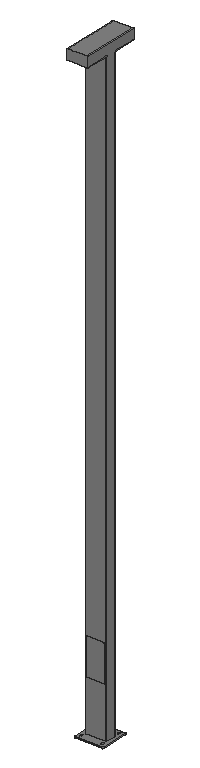
Revit family "Супремус В", category Осветительные приборы, Revit 2019 (continued)
Parameters (values of type "ДТУ121с10 Светодиодный светильник Супремус-B ДТУ-121-AF-ДТУП1212(60Вт)+ДТУП1212(60Вт)-6,0")
    9 103.6 103.2 102.8 102.5 102.1 101.8\r\n 101.6 100.7 99.9 99.2 98.5 97.9 97.3 96.6 96.0 95.2 94.2 93.2 92.3 91.4 90.5 89.5 88.4 87.4 86.4 84.6 82.3 79.4 76.2 72.5 68.8\r\n 63.9 58.9 53.9 49.1 44.6 41.1 38.1 35.7 33.9 32.4 30.9 29.7 28.7 27.8 26.9 26.0 25.2 24.5 23.5 22.0 20.6 19.1 17.6 16.3 14.8 13.4\r\n 11.8 10.0 8.4 7.0 6.0 5.3 4.6 3.9 3.4 3.0 2.8 2.8 2.7 2.4 2.4 2.3 2.1 1.9 1.6 1.4 1.3 1.2 1.2 1.2 0.0 0.0 0.0 0.0 0.0 0.0 0.0 0.0\r\n 0.0 0.0 0.0 0.0 0.0 0.0 0.0 0.0 0.0 0.0 0.0 0.0 0.0 0.0 0.0 0.0 0.0 0.0 0.0 0.0 0.0 0.0 0.0 0.0 0.0 0.0 0.0 0.0 0.0 0.0 0.0 0.0\r\n 0.0 0.0 0.0 0.0 0.0 0.0 0.0 0.0 0.0 0.0 0.0 0.0 0.0 0.0 0.0 0.0 0.0 0.0 0.0 0.0 0.0 0.0 0.0 0.0 0.0 0.0 0.0 0.0 0.0 0.0 0.0 0.0\r\n 0.0 0.0 0.0 0.0 0.0 0.0 0.0 0.0 0.0 0.0 0.0 0.0 0.0 0.0 0.0 0.0 0.0 0.0 0.0 0.0 0.0 0.0 0.0 0.0 0.0 0.0 0.0 0.0 0.0 0.0 0.0 0.0\r\n 0.0 0.0 0.0 0.0 0.0 0.0 0.0 0.0 0.0 0.0 0.0 0.0 0.0 0.0 0.0 0.0 0.0 0.0 0.0 0.0 0.0 0.0 0.0 0.0 0.0 0.0 0.0 0.0 0.0 0.0 0.0 0.0\r\n 0.0 0.0 0.0 0.0 0.0 0.0 0.0 0.0 0.0 0.0 0.0 0.0 0.0 0.0 0.0 0.0 0.0 0.0 0.0 0.0 0.0 0.0 0.0 0.0\r\n275.6 274.0 272.2 270.5 268.9 267.2 265.4 263.7 261.8 260.0 257.9 255.9 254.1 252.2 250.0 247.8 245.6 243.1 240.5 237.7 234.8\r\n 231.6 228.5 225.4 222.5 219.7 217.2 214.8 212.3 210.3 208.3 206.2 204.1 201.7 199.5 197.4 195.0 192.7 190.5 188.3 186.2 184.1\r\n 181.8 179.4 177.1 174.8 172.1 169.7 167.3 164.9 162.4 160.0 157.8 155.6 153.5 151.8 150.0 148.4 146.5 144.7 143.3 141.6 140.0\r\n 138.4 136.7 134.7 132.9 131.1 129.7 128.3 127.2 125.6 124.2 122.7 121.5 120.2 118.8 117.5 116.2 115.0 113.5 112.2 110.6 108.9\r\n 107.3 105.5 103.8 102.1 100.6 99.2 97.7 96.1 94.7 93.1 91.6 89.9 88.3 87.0 85.6 84.3 83.2 82.1 80.8 79.4 78.3 77.4 76.8 75.8 74.8\r\n 74.2 73.8 73.5 72.9 72.6 72.2 71.6 70.9 70.4 69.9 69.8 69.9 70.2 70.1 69.4 69.0 68.4 68.1 67.7 67.3 66.9 66.5 66.0 65.5 65.0 64.8\r\n 64.6 64.6 64.6 64.6 64.6 64.8 65.4 65.5 65.2 66.0 67.4 69.0 70.6 71.6 72.0 71.5 70.5 68.3 66.3 63.0 59.2 54.6 50.4 46.8 43.3 40.0\r\n 37.1 34.8 33.0 31.2 29.6 28.3 27.0 25.3 23.2 21.0 19.2 17.4 15.9 14.6 13.4 11.7 9.8 8.5 7.4 6.7 6.1 5.4 4.8 4.5 4.1 4.1 4.3 3.7\r\n 3.3 2.8 2.6 2.4 2.3 2.1 2.0 1.7 1.5 1.3 1.2 1.2 0.0 0.0 0.0 0.0 0.0 0.0 0.0 0.0 0.0 0.0 0.0 0.0 0.0 0.0 0.0 0.0 0.0 0.0 0.0 0.0\r\n 0.0 0.0 0.0 0.0 0.0 0.0 0.0 0.0 0.0 0.0 0.0 0.0 0.0 0.0 0.0 0.0 0.0 0.0 0.0 0.0 0.0 0.0 0.0 0.0 0.0 0.0 0.0 0.0 0.0 0.0 0.0 0.0\r\n 0.0 0.0 0.0 0.0 0.0 0.0 0.0 0.0 0.0 0.0 0.0 0.0 0.0 0.0 0.0 0.0 0.0 0.0 0.0 0.0 0.0 0.0 0.0 0.0 0.0 0.0 0.0 0.0 0.0 0.0 0.0 0.0\r\n 0.0 0.0 0.0 0.0 0.0 0.0 0.0 0.0 0.0 0.0 0.0 0.0 0.0 0.0 0.0 0.0 0.0 0.0 0.0 0.0 0.0 0.0 0.0 0.0 0.0 0.0 0.0 0.0 0.0 0.0 0.0 0.0\r\n 0.0 0.0 0.0 0.0 0.0 0.0 0.0 0.0 0.0 0.0 0.0 0.0 0.0 0.0 0.0 0.0 0.0 0.0 0.0 0.0 0.0 0.0 0.0 0.0 0.0 0.0 0.0 0.0 0.0 0.0 0.0 0.0\r\n 0.0 0.0 0.0 0.0 0.0 0.0 0.0 0.0 0.0 0.0 0.0 0.0\r\n275.6 273.8 271.9 270.1 268.3 266.4 264.5 262.7 260.5 258.5 256.5 254.5 252.3 250.1 247.8 245.3 242.5 239.6 236.4 233.1 229.7\r\n 226.3 223.1 220.1 217.3 215.0 212.7 210.3 207.8 205.3 202.8 200.0 197.4 194.5 192.0 189.6 187.4 184.8 182.1 179.8 177.1 174.4\r\n 171.5 168.6 165.4 162.4 159.2 156.1 153.1 150.4 147.7 145.4 143.3 141.2 139.4 137.4 135.6 133.9 132.4 131.1 129.6 128.1 126.6\r\n 124.8 122.9 120.9 119.1 117.2 115.3 113.2 111.1 109.1 106.9 104.7 102.3 99.8 97.6 95.3 93.2 91.0 88.9 86.8 84.8 82.8 80.9 79.0\r\n 77.2 75.4 73.6 71.8 69.9 68.3 66.3 64.4 62.5 60.8 59.2 57.8 56.4 55.2 54.2 53.3 52.4 51.5 50.9 50.4 50.0 49.5 49.0 48.8 48.5 47.7\r\n 47.1 46.8 46.8 46.7 46.7 46.8 46.8 46.3 45.7 45.2 44.5 43.9 43.4 42.9 42.4 42.0 41.7 41.4 41.1 41.1 41.1 41.4 41.6 41.8 42.2 43.1\r\n 44.5 45.8 46.8 48.9 51.1 53.6 55.4 56.8 57.8 57.5 56.5 55.1 53.9 52.9 52.0 51.1 49.9 48.5 47.3 46.3 44.9 42.9 40.6 38.1 35.7 33.2\r\n 30.2 27.6 25.5 23.6 21.9 20.4 18.9 17.6 16.4 15.1 13.8 12.0 10.6 9.8 8.8 7.5 6.6 5.9 5.4 4.9 4.6 4.7 4.5 4.1 3.9 3.3 2.8 2.6 2.5\r\n 2.5 2.5 2.3 2.2 1.7 1.6 1.4 1.3 0.0 0.0 0.0 0.0 0.0 0.0 0.0 0.0 0.0 0.0 0.0 0.0 0.0 0.0 0.0 0.0 0.0 0.0 0.0 0.0 0.0 0.0 0.0 0.0\r\n 0.0 0.0 0.0 0.0 0.0 0.0 0.0 0.0 0.0 0.0 0.0 0.0 0.0 0.0 0.0 0.0 0.0 0.0 0.0 0.0 0.0 0.0 0.0 0.0 0.0 0.0 0.0 0.0 0.0 0.0 0.0 0.0\r\n 0.0 0.0 0.0 0.0 0.0 0.0 0.0 0.0 0.0 0.0 0.0 0.0 0.0 0.0 0.0 0.0 0.0 0.0 0.0 0.0 0.0 0.0 0.0 0.0 0.0 0.0 0.0 0.0 0.0 0.0 0.0 0.0\r\n 0.0 0.0 0.0 0.0 0.0 0.0 0.0 0.0 0.0 0.0 0.0 0.0 0.0 0.0 0.0 0.0 0.0 0.0 0.0 0.0 0.0 0.0 0.0 0.0 0.0 0.0 0.0 0.0 0.0 0.0 0.0 0.0\r\n 0.0 0.0 0.0 0.0 0.0 0.0 0.0 0.0 0.0 0.0 0.0 0.0 0.0 0.0 0.0 0.0 0.0 0.0 0.0 0.0 0.0 0.0 0.0 0.0 0.0 0.0 0.0 0.0 0.0 0.0 0.0 0.0\r\n 0.0 0.0 0.0 0.0 0.0 0.0 0.0 0.0\r\n275.6 273.8 271.8 269.8 267.8 265.9 263.8 261.8 259.7 257.5 255.3 253.1 250.9 248.4 245.9 243.0 239.8 236.4 232.8 229.1 225.7\r\n 222.4 219.4 216.6 214.2 211.9 209.2 206.4 203.4 200.3 197.3 194.4 191.5 188.7 185.9 182.9 180.1 177.2 174.4 171.1 167.9 164.7\r\n 161.4 157.7 154.3 150.9 147.8 144.8 142.0 139.4 136.8 134.5 132.3 130.4 128.9 127.5 126.3 124.6 122.9 121.3 119.5 117.5 115.3\r\n 113.0 110.9 108.7 106.7 104.4 102.1 99.6 97.1 94.6 92.1 89.6 87.2 84.8 82.4 80.1 77.8 75.5 73.3 71.0 68.9 66.9 65.0 63.1 61.3\r\n 59.4 57.6 55.7 53.9 52.0 50.2 48.5 46.8 45.2 43.8 42.6 41.5 40.5 39.8 39.3 38.7 38.2 37.8 37.4 36.9 36.5 36.1 35.8 35.5 35.2 34.8\r\n 34.5 34.6 34.6 33.7 32.8 32.3 31.7 31.0 30.6 30.1 29.7 29.1 28.5 28.3 28.0 28.0 28.2 28.6 29.1 30.2 32.0 34.3 36.8 39.1 41.0 42.2\r\n 43.6 44.9 45.4 45.3 44.3 43.3 42.8 42.2 41.3 39.9 38.4 37.5 37.1 37.0 36.5 35.9 35.0 34.7 34.6 34.2 33.4 32.1 30.8 29.4 28.1 26.9\r\n 25.7 24.4 22.8 21.4 20.3 19.0 17.9 16.6 15.4 13.6 12.1 11.1 10.4 9.6 8.7 8.1 7.3 6.6 6.1 6.1 6.1 5.8 5.3 4.9 4.3 3.9 3.4 3.3 3.2\r\n 3.1 3.0 2.8 2.5 1.9 1.7 1.5 0.0 0.0 0.0 0.0 0.0 0.0 0.0 0.0 0.0 0.0 0.0 0.0 0.0 0.0 0.0 0.0 0.0 0.0 0.0 0.0 0.0 0.0 0.0 0.0 0.0\r\n 0.0 0.0 0.0 0.0 0.0 0.0 0.0 0.0 0.0 0.0 0.0 0.0 0.0 0.0 0.0 0.0 0.0 0.0 0.0 0.0 0.0 0.0 0.0 0.0 0.0 0.0 0.0 0.0 0.0 0.0 0.0 0.0\r\n 0.0 0.0 0.0 0.0 0.0 0.0 0.0 0.0 0.0 0.0 0.0 0.0 0.0 0.0 0.0 0.0 0.0 0.0 0.0 0.0 0.0 0.0 0.0 0.0 0.0 0.0 0.0 0.0 0.0 0.0 0.0 0.0\r\n 0.0 0.0 0.0 0.0 0.0 0.0 0.0 0.0 0.0 0.0 0.0 0.0 0.0 0.0 0.0 0.0 0.0 0.0 0.0 0.0 0.0 0.0 0.0 0.0 0.0 0.0 0.0 0.0 0.0 0.0 0.0 0.0\r\n 0.0 0.0 0.0 0.0 0.0 0.0 0.0 0.0 0.0 0.0 0.0 0.0 0.0 0.0 0.0 0.0 0.0 0.0 0.0 0.0 0.0 0.0 0.0 0.0 0.0 0.0 0.0 0.0 0.0 0.0 0.0 0.0\r\n 0.0 0.0 0.0 0.0 0.0 0.0 0.0\r\n275.6 273.7 271.5 269.3 267.2 265.1 262.9 260.7 258.5 256.4 254.1 251.7 249.3 246.7 243.6 240.3 236.7 232.7 228.9 225.4 222.1\r\n 219.0 216.4 213.9 211.2 208.3 205.2 201.9 198.5 195.2 192.1 189.0 185.9 182.8 179.5 176.2 172.6 169.2 165.6 161.8 157.9 154.1\r\n 150.4 147.0 143.9 140.9 138.0 135.3 132.8 130.5 128.6 126.9 125.4 123.7 121.9 120.2 118.2 116.3 114.3 112.0 109.5 107.0 104.2\r\n 101.3 98.7 95.9 93.3 90.8 88.3 86.0 83.7 81.6 79.5 77.4 75.3 73.3 71.2 69.1 67.2 65.3 63.4 61.6 59.8 58.0 56.2 54.3 52.4 50.6\r\n 48.7 46.9 45.3 43.7 42.1 40.7 39.6 38.7 37.8 37.2 36.7 36.3 36.0 35.8 35.6 35.3 35.0 34.7 34.3 34.1 33.9 33.4 33.0 33.0 33.1 33.0\r\n 32.2 31.1 30.0 29.1 28.3 27.7 27.2 26.7 26.4 26.3 26.4 26.5 26.8 27.7 29.1 31.0 32.8 35.1 37.8 41.2 43.8 44.9 43.8 43.4 42.9 42.6\r\n 42.3 41.8 40.4 39.2 38.8 37.8 37.2 36.2 35.5 34.6 33.5 33.1 32.9 32.3 31.7 31.3 30.9 30.8 30.6 30.5 29.5 28.4 27.2 26.4 25.6 25.0\r\n 24.3 23.1 22.1 20.9 19.8 18.8 17.8 15.9 14.4 13.3 12.5 11.6 10.7 9.7 8.9 8.1 7.5 7.4 7.7 7.4 7.0 6.2 5.9 5.3 4.9 4.4 4.1 3.9 3.7\r\n 3.6 3.5 3.4 3.0 2.0 1.9 0.0 0.0 0.0 0.0 0.0 0.0 0.0 0.0 0.0 0.0 0.0 0.0 0.0 0.0 0.0 0.0 0.0 0.0 0.0 0.0 0.0 0.0 0.0 0.0 0.0 0.0\r\n 0.0 0.0 0.0 0.0 0.0 0.0 0.0 0.0 0.0 0.0 0.0 0.0 0.0 0.0 0.0 0.0 0.0 0.0 0.0 0.0 0.0 0.0 0.0 0.0 0.0 0.0 0.0 0.0 0.0 0.0 0.0 0.0\r\n 0.0 0.0 0.0 0.0 0.0 0.0 0.0 0.0 0.0 0.0 0.0 0.0 0.0 0.0 0.0 0.0 0.0 0.0 0.0 0.0 0.0 0.0 0.0 0.0 0.0 0.0 0.0 0.0 0.0 0.0 0.0 0.0\r\n 0.0 0.0 0.0 0.0 0.0 0.0 0.0 0.0 0.0 0.0 0.0 0.0 0.0 0.0 0.0 0.0 0.0 0.0 0.0 0.0 0.0 0.0 0.0 0.0 0.0 0.0 0.0 0.0 0.0 0.0 0.0 0.0\r\n 0.0 0.0 0.0 0.0 0.0 0.0 0.0 0.0 0.0 0.0 0.0 0.0 0.0 0.0 0.0 0.0 0.0 0.0 0.0 0.0 0.0 0.0 0.0 0.0 0.0 0.0 0.0 0.0 0.0 0.0 0.0 0.0\r\n 0.0 0.0 0.0 0.0 0.0 0.0\r\n275.6 273.5 271.2 269.1 266.8 264.5 262.4 260.1 257.8 255.4 253.0 250.6 248.0 245.0 241.9 238.1 234.1 230.1 226.3 222.9 219.9\r\n 217.1 214.4 211.4 208.4 205.1 201.6 198.2 194.6 191.2 187.9 184.5 181.2 177.8 173.8 170.1 166.2 162.1 157.8 153.6 149.6 146.0\r\n 142.5 139.3 136.4 133.4 130.8 128.6 126.8 124.9 123.0 121.3 119.4 117.4 115.6 113.7 111.6 109.3 106.7 103.7 100.5 97.2 94.0 90.8\r\n 88.0 85.5 83.1 80.7 78.5 76.5 74.7 72.8 71.0 69.1 67.1 65.2 63.2 61.5 59.7 57.9 56.0 54.2 52.5 51.0 49.3 47.7 46.2 44.8 43.4 42.2\r\n 41.0 39.8 38.7 38.0 37.3 36.8 36.3 36.0 35.8 35.9 35.9 35.6 35.5 35.3 35.0 34.7 34.6 34.0 33.6 33.7 33.8 33.7 32.9 31.7 30.7 30.0\r\n 29.5 28.8 28.4 28.0 28.0 28.0 28.2 28.8 29.7 31.0 32.7 34.7 37.4 40.0 42.5 45.1 46.5 45.5 44.3 43.2 43.1 43.3 43.8 44.2 44.0 43.2\r\n 42.7 42.6 42.1 41.4 40.8 39.8 39.1 38.4 38.0 37.8 37.5 36.9 36.1 35.2 34.7 34.4 34.3 34.4 33.8 32.6 31.3 29.6 28.5 27.9 26.7 25.7\r\n 24.2 23.0 21.9 20.9 18.8 16.3 15.0 14.2 13.2 12.3 11.5 10.6 9.9 9.2 8.6 8.7 8.8 8.2 7.7 6.9 6.6 6.0 5.8 5.3 4.8 4.6 4.2 4.1 4.1\r\n 3.9 3.9 3.2 2.3 0.0 0.0 0.0 0.0 0.0 0.0 0.0 0.0 0.0 0.0 0.0 0.0 0.0 0.0 0.0 0.0 0.0 0.0 0.0 0.0 0.0 0.0 0.0 0.0 0.0 0.0 0.0 0.0\r\n 0.0 0.0 0.0 0.0 0.0 0.0 0.0 0.0 0.0 0.0 0.0 0.0 0.0 0.0 0.0 0.0 0.0 0.0 0.0 0.0 0.0 0.0 0.0 0.0 0.0 0.0 0.0 0.0 0.0 0.0 0.0 0.0\r\n 0.0 0.0 0.0 0.0 0.0 0.0 0.0 0.0 0.0 0.0 0.0 0.0 0.0 0.0 0.0 0.0 0.0 0.0 0.0 0.0 0.0 0.0 0.0 0.0 0.0 0.0 0.0 0.0 0.0 0.0 0.0 0.0\r\n 0.0 0.0 0.0 0.0 0.0 0.0 0.0 0.0 0.0 0.0 0.0 0.0 0.0 0.0 0.0 0.0 0.0 0.0 0.0 0.0 0.0 0.0 0.0 0.0 0.0 0.0 0.0 0.0 0.0 0.0 0.0 0.0\r\n 0.0 0.0 0.0 0.0 0.0 0.0 0.0 0.0 0.0 0.0 0.0 0.0 0.0 0.0 0.0 0.0 0.0 0.0 0.0 0.0 0.0 0.0 0.0 0.0 0.0 0.0 0.0 0.0 0.0 0.0 0.0 0.0\r\n 0.0 0.0 0.0 0.0\r\n275.6 273.4 271.1 268.8 266.6 264.1 261.9 259.6 257.1 254.7 252.1 249.6 246.8 243.5 239.9 235.9 231.6 227.6 223.9 220.8 217.9\r\n 215.3 212.2 208.9 205.5 201.8 198.2 194.8 191.1 187.4 183.7 180.1 176.2 172.3 168.2 163.8 159.1 154.5 150.3 146.3 142.7 139.3\r\n 136.2 133.1 130.4 128.1 125.8 123.8 121.9 119.7 117.7 115.7 113.7 111.8 109.5 107.0 104.4 101.2 98.0 94.8 91.7 88.6 85.6 82.9\r\n 80.5 78.3 76.1 74.1 72.2 70.4 68.5 66.6 64.6 62.7 60.7 59.0 57.3 55.6 53.8 52.2 50.5 49.0 47.5 46.1 44.7 43.4 42.2 41.0 39.9 38.8\r\n 37.9 37.0 36.6 36.2 35.8 35.6 35.5 35.6 35.7 35.7 35.7 35.9 35.8 35.6 35.5 35.2 35.0 35.0 34.9 34.6 34.0 33.0 32.0 31.2 30.6 30.0\r\n 29.5 29.3 29.1 29.3 29.7 30.5 31.8 33.3 34.7 36.8 39.2 41.8 44.0 45.9 47.4 48.4 47.9 47.1 47.0 47.4 48.0 48.5 48.6 48.5 48.4 48.0\r\n 48.1 47.9 47.2 46.3 45.2 43.9 42.7 41.8 41.1 40.4 39.6 38.8 38.3 37.8 37.4 36.9 36.5 36.2 35.2 33.7 32.5 31.3 30.2 29.0 28.4 26.9\r\n 25.6 24.5 23.6 21.7 19.2 17.4 16.2 15.1 14.1 13.1 12.1 11.1 10.1 9.6 9.7 9.4 9.2 8.5 7.9 7.4 7.1 6.5 6.3 6.3 5.8 5.4 5.1 4.8 4.7\r\n 4.5 4.4 4.3 3.0 0.0 0.0 0.0 0.0 0.0 0.0 0.0 0.0 0.0 0.0 0.0 0.0 0.0 0.0 0.0 0.0 0.0 0.0 0.0 0.0 0.0 0.0 0.0 0.0 0.0 0.0 0.0 0.0\r\n 0.0 0.0 0.0 0.0 0.0 0.0 0.0 0.0 0.0 0.0 0.0 0.0 0.0 0.0 0.0 0.0 0.0 0.0 0.0 0.0 0.0 0.0 0.0 0.0 0.0 0.0 0.0 0.0 0.0 0.0 0.0 0.0\r\n 0.0 0.0 0.0 0.0 0.0 0.0 0.0 0.0 0.0 0.0 0.0 0.0 0.0 0.0 0.0 0.0 0.0 0.0 0.0 0.0 0.0 0.0 0.0 0.0 0.0 0.0 0.0 0.0 0.0 0.0 0.0 0.0\r\n 0.0 0.0 0.0 0.0 0.0 0.0 0.0 0.0 0.0 0.0 0.0 0.0 0.0 0.0 0.0 0.0 0.0 0.0 0.0 0.0 0.0 0.0 0.0 0.0 0.0 0.0 0.0 0.0 0.0 0.0 0.0 0.0\r\n 0.0 0.0 0.0 0.0 0.0 0.0 0.0 0.0 0.0 0.0 0.0 0.0 0.0 0.0 0.0 0.0 0.0 0.0 0.0 0.0 0.0 0.0 0.0 0.0 0.0 0.0 0.0 0.0 0.0 0.0 0.0 0.0\r\n 0.0 0.0 0.0 0.0\r\n275.6 273.4 270.9 268.6 266.3 263.8 261.4 259.0 256.7 254.0 251.6 248.9 245.7 242.4 238.5 234.3 230.1 226.0 222.6 219.5 216.9\r\n 213.8 210.6 207.1 203.3 199.5 195.9 192.3 188.5 184.6 180.8 176.7 172.6 168.3 163.5 158.7 153.9 149.6 145.3 141.7 138.2 134.8\r\n 131.9 129.3 127.2 124.8 122.4 120.0 117.7 115.5 113.4 111.1 108.9 106.6 103.8 100.9 97.8 94.7 91.5 88.5 85.5 82.5 79.7 77.4 75.2\r\n 73.3 71.4 69.5 67.6 65.7 63.9 62.0 60.2 58.5 56.8 55.2 53.6 52.0 50.5 49.1 47.6 46.3 45.0 43.7 42.4 41.4 40.2 39.1 38.1 37.2 36.6\r\n 36.2 36.0 35.9 35.9 35.9 35.9 35.8 35.8 36.1 36.3 36.2 36.0 35.9 35.8 35.9 35.5 35.3 35.1 34.5 33.6 32.7 32.0 31.3 30.8 30.4 30.2\r\n 30.3 30.7 31.3 32.0 32.8 33.4 34.6 36.4 38.5 41.2 44.2 47.3 49.9 52.2 53.0 52.6 52.5 53.0 53.8 54.6 54.8 54.7 54.2 53.8 53.2 52.6\r\n 51.4 50.2 48.7 46.9 45.6 44.9 44.2 43.7 43.1 42.8 42.3 41.8 41.4 40.5 39.3 38.5 37.8 36.9 35.5 34.2 32.9 31.8 30.9 29.8 28.1 26.7\r\n 25.4 23.7 21.0 18.2 16.7 15.7 14.5 13.5 12.6 11.7 11.0 10.2 10.1 10.1 10.1 9.8 9.1 8.2 7.5 7.5 6.9 7.2 7.3 6.6 6.1 5.7 5.4 5.2\r\n 5.0 4.9 4.8 4.3 0.0 0.0 0.0 0.0 0.0 0.0 0.0 0.0 0.0 0.0 0.0 0.0 0.0 0.0 0.0 0.0 0.0 0.0 0.0 0.0 0.0 0.0 0.0 0.0 0.0 0.0 0.0 0.0\r\n 0.0 0.0 0.0 0.0 0.0 0.0 0.0 0.0 0.0 0.0 0.0 0.0 0.0 0.0 0.0 0.0 0.0 0.0 0.0 0.0 0.0 0.0 0.0 0.0 0.0 0.0 0.0 0.0 0.0 0.0 0.0 0.0\r\n 0.0 0.0 0.0 0.0 0.0 0.0 0.0 0.0 0.0 0.0 0.0 0.0 0.0 0.0 0.0 0.0 0.0 0.0 0.0 0.0 0.0 0.0 0.0 0.0 0.0 0.0 0.0 0.0 0.0 0.0 0.0 0.0\r\n 0.0 0.0 0.0 0.0 0.0 0.0 0.0 0.0 0.0 0.0 0.0 0.0 0.0 0.0 0.0 0.0 0.0 0.0 0.0 0.0 0.0 0.0 0.0 0.0 0.0 0.0 0.0 0.0 0.0 0.0 0.0 0.0\r\n 0.0 0.0 0.0 0.0 0.0 0.0 0.0 0.0 0.0 0.0 0.0 0.0 0.0 0.0 0.0 0.0 0.0 0.0 0.0 0.0 0.0 0.0 0.0 0.0 0.0 0.0 0.0 0.0 0.0 0.0 0.0 0.0\r\n 0.0 0.0 0.0 0.0\r\n275.6 273.1 271.0 268.4 266.0 263.6 261.0 258.8 256.1 253.4 250.9 248.0 244.7 241.1 237.0 232.6 228.4 224.7 221.3 218.4 215.6\r\n 212.4 208.9 205.2 201.2 197.6 193.6 189.9 186.1 182.1 177.6 173.4 168.5 163.8 158.8 154.1 149.5 145.2 141.4 137.8 134.4 131.4\r\n 128.6 126.2 123.8 121.5 119.1 116.9 114.5 112.2 109.6 107.1 104.4 101.6 98.9 95.9 93.0 89.8 86.8 83.8 80.9 78.2 75.7 73.4 71.4\r\n 69.4 67.3 65.3 63.3 61.5 59.8 58.1 56.5 55.0 53.4 51.9 50.5 49.0 47.7 46.4 45.2 44.0 42.8 41.8 40.8 39.8 38.9 38.0 37.3 36.8 36.4\r\n 36.3 36.2 36.4 36.4 36.2 36.1 36.4 36.8 37.0 36.8 36.8 36.7 36.5 36.3 36.0 36.0 35.9 35.3 34.5 33.7 33.0 32.2 31.6 31.5 31.3 31.5\r\n 31.7 32.1 32.5 32.9 33.7 34.8 36.7 39.1 41.9 46.0 49.7 53.2 56.2 58.0 58.5 59.2 60.2 61.0 61.4 61.0 60.2 59.3 58.6 58.1 56.5 55.1\r\n 53.9 52.4 50.7 49.5 48.7 47.6 46.8 46.3 45.7 45.1 44.3 43.4 42.5 41.5 40.7 40.0 39.2 37.8 36.3 34.6 33.3 31.9 30.5 28.9 27.6 26.6\r\n 25.0 22.4 19.1 16.9 15.7 14.7 13.8 12.9 12.2 11.4 10.6 10.1 9.9 9.7 9.9 9.4 8.6 8.0 7.3 7.2 6.7 7.3 7.5 6.7 6.5 5.9 5.3 5.0 4.9\r\n 4.9 5.0 5.0 0.0 0.0 0.0 0.0 0.0 0.0 0.0 0.0 0.0 0.0 0.0 0.0 0.0 0.0 0.0 0.0 0.0 0.0 0.0 0.0 0.0 0.0 0.0 0.0 0.0 0.0 0.0 0.0 0.0\r\n 0.0 0.0 0.0 0.0 0.0 0.0 0.0 0.0 0.0 0.0 0.0 0.0 0.0 0.0 0.0 0.0 0.0 0.0 0.0 0.0 0.0 0.0 0.0 0.0 0.0 0.0 0.0 0.0 0.0 0.0 0.0 0.0\r\n 0.0 0.0 0.0 0.0 0.0 0.0 0.0 0.0 0.0 0.0 0.0 0.0 0.0 0.0 0.0 0.0 0.0 0.0 0.0 0.0 0.0 0.0 0.0 0.0 0.0 0.0 0.0 0.0 0.0 0.0 0.0 0.0\r\n 0.0 0.0 0.0 0.0 0.0 0.0 0.0 0.0 0.0 0.0 0.0 0.0 0.0 0.0 0.0 0.0 0.0 0.0 0.0 0.0 0.0 0.0 0.0 0.0 0.0 0.0 0.0 0.0 0.0 0.0 0.0 0.0\r\n 0.0 0.0 0.0 0.0 0.0 0.0 0.0 0.0 0.0 0.0 0.0 0.0 0.0 0.0 0.0 0.0 0.0 0.0 0.0 0.0 0.0 0.0 0.0 0.0 0.0 0.0 0.0 0.0 0.0 0.0 0.0 0.0\r\n 0.0 0.0 0.0\r\n275.6 273.3 270.8 268.4 265.9 263.4 260.8 258.5 255.8 253.2 250.5 247.7 244.4 240.6 236.2 231.9 227.7 223.9 220.7 217.7 214.8\r\n 211.5 208.0 204.2 200.3 196.4 192.6 188.6 184.5 180.5 175.9 171.2 166.1 161.1 156.3 151.6 147.2 143.0 139.3 135.6 132.5 129.6\r\n 126.9 124.3 121.6 119.4 117.1 114.7 112.2 109.6 106.8 103.9 101.0 98.3 95.5 92.7 89.8 86.8 83.9 81.1 78.4 75.9 73.6 71.4 69.2\r\n 67.0 65.0 63.0 61.1 59.3 57.8 56.2 54.7 53.2 51.7 50.3 48.9 47.5 46.3 45.1 44.0 43.0 42.0 41.1 40.2 39.3 38.5 37.7 37.4 37.0 36.7\r\n 36.5 36.6 36.7 36.5 36.4 36.7 37.1 37.4 37.5 37.5 37.4 37.1 36.8 36.3 36.3 36.6 36.3 35.9 35.0 34.4 33.6 32.9 32.7 32.4 32.3 32.4\r\n 32.3 32.6 33.2 33.9 34.9 36.3 38.3 41.0 44.5 48.9 53.2 57.3 60.8 63.7 65.2 66.7 67.9 68.2 67.4 66.2 64.5 62.8 61.5 60.8 59.2 57.1\r\n 55.4 54.3 53.6 52.6 51.7 50.5 50.0 49.3 48.5 47.6 46.8 46.0 45.0 44.1 43.4 42.5 41.6 40.0 38.4 36.5 34.7 33.2 32.3 30.6 29.3 28.5\r\n 26.3 23.0 19.4 17.2 16.0 15.0 14.0 13.2 12.4 11.4 10.1 9.5 9.4 9.6 9.9 9.4 8.7 8.2 7.5 7.5 7.0 7.6 7.8 7.5 6.8 5.9 5.2 5.0 4.9\r\n 5.1 5.3 5.4 0.0 0.0 0.0 0.0 0.0 0.0 0.0 0.0 0.0 0.0 0.0 0.0 0.0 0.0 0.0 0.0 0.0 0.0 0.0 0.0 0.0 0.0 0.0 0.0 0.0 0.0 0.0 0.0 0.0\r\n 0.0 0.0 0.0 0.0 0.0 0.0 0.0 0.0 0.0 0.0 0.0 0.0 
